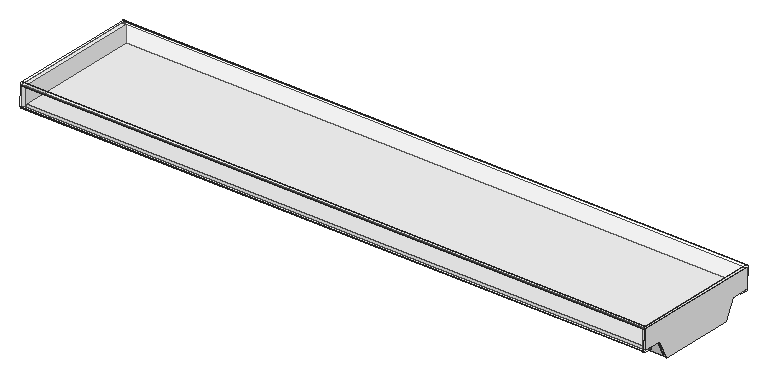
Revit family "LWC", category Lighting Fixtures, host Face, Revit 2012
Parameters (values of type "LWC4-40HL-EU")
  Wattage = 55 W
  built-in parameter 1150110 = 1 (stored number, unit not read)
  Voltage = 120 V
  Wattage Comments = ""
  URL = "http://www.columbialighting.com/"
  built-in parameter 1114217 = 1 (stored number, unit not read)
  Tilt Angle = -90.00°
  built-in parameter 1150109 = 1 (stored number, unit not read)
  built-in parameter 1150134 = 12
  built-in parameter 1150113 = 1 (stored number, unit not read)
  Product Page URL = "http://www.columbialighting.com/products/lwc"
  Product Documentation Link = "http://www.columbialighting.com/content/products/specs/specs_files/lwc.pdf"
  Photometric Web File = "LWC4-40HL-EU.ies"
  Nominal Watts = 55 W
  Model = "LWC"  # constant formula
  Manufacturer Phone = "(864)-678-1000"  # constant formula
  Manufacturer Fax = "(866)-898-1065"  # constant formula
  Manufacturer = "Columbia Lighting"  # constant formula
  Row Length = 4.00 ft
  built-in parameter 1150105 = 446.43 (stored number, unit not read)
  Lumens = 5610 lm
  built-in parameter 1150115 = 1 (stored number, unit not read)
  Lumen Output = "Very High Lumen"
  built-in parameter 1150137 = (empty or 0)
  built-in parameter 1150139 = (empty or 0)
  built-in parameter 1150112 = 1 (stored number, unit not read)
  built-in parameter 1150114 = 1 (stored number, unit not read)
  Lamp = "LED Lamp"
  built-in parameter 1150132 = (empty or 0)
  built-in parameter 1150102 = (empty or 0)
  built-in parameter 1150107 = 4000 (stored number, unit not read)
  built-in parameter 1150138 = (empty or 0)
  built-in parameter 1150106 = 4.4643 (stored number, unit not read)
  Glass = White Glass
  Emit from Line Length = 1.00 ft
  built-in parameter 1150104 = 9.4761 (stored number, unit not read)
  Driver = "Fixed Output"
  Dimming Lamp Color Temperature Shift = <None>
  Description = "LWC LED is a premium, 10 inch wide wraparound with injection molded glowing ends sonically welded to the attractive acrylic prismatic lens."  # constant formula
  Default Elevation = 4.00 ft
  Color Filter = 16777215
  built-in parameter 1114218 = 1 (stored number, unit not read)
  Backbox = White
  built-in parameter 1150133 = 10 (stored number, unit not read)
  Apparent Load = 0 VA
Types (3, lengths in ft): name | Wattage | built-in parameter 1150134 | Photometric Web File | Nominal Watts | Row Length | built-in parameter 1150105 | Lumens | Lumen Output | built-in parameter 1150107 | built-in parameter 1150106 | built-in parameter 1150104
  (no name) | 55 W | 12 | "LWC4-40HL-EU.ies" | 55 W | 4.00 | 446.43 (stored number, unit not read) | 5610 lm | "Very High Lumen" | 4000 (stored number, unit not read) | 4.4643 (stored number, unit not read) | 9.4761 (stored number, unit not read)
  LWC4-40HL-EU | 55 W | 12 | "LWC4-40HL-EU.ies" | 55 W | 4.00 | 446.43 (stored number, unit not read) | 5610 lm | "Very High Lumen" | 4000 (stored number, unit not read) | 4.4643 (stored number, unit not read) | 9.4761 (stored number, unit not read)
  LWC2-40LW-EU | 23 W | 3 | "LWC2-40LW-EU.ies" | 23 W | 2.00 | 199.5 (stored number, unit not read) | 2507 lm | "Low Lumen" | 3200 (stored number, unit not read) | 1.995 (stored number, unit not read) | 10.126 (stored number, unit not read)
Reference planes (ft)
  plane 1 "Center (Front/Back)": y = 0.003333
  plane 2: z = 0
  plane 3 "Center (Left/Right)": x = 0.13912
  plane 4: x = -1.86088
  plane 5: x = 2.13912
Dimensions and locks (ft)
  equal spacing: plane 5, plane 3 "Center (Left/Right)", plane 4
  "Row Length": plane 5 to plane 4
  aligned and locked: plane 2 to host face
  aligned and locked: level to host face
  aligned and locked: plane 3 "Center (Left/Right)" to nested 1
  aligned and locked: plane 1 "Center (Front/Back)" to nested 1
  aligned and locked: nested 1 to imposter light
  aligned and locked: plane 3 "Center (Left/Right)" to imposter light
  aligned and locked: imposter light to plane 1 "Center (Front/Back)"
Automatic sketch dimensions
  host sketch curve to host sketch curve = 8.00 ft  (x2)
Nested families (ft)
  nested 1: "LWC Light" at (0.309759, 0, 0), Glass <- "Glass", Backbox <- "Backbox", Row Length <- "Row Length", type "LWC Light"
    with Row Length 4.00 ft, Glass White Glass, Backbox White
Connectors (ft)
  electrical at (0.13912, -0.181163, 0), driven by "Voltage", driven by "Description"
    settings: on nested 1, index 1, voltage 120 V, apparent load 0 VA, apparent load phase1 0 VA, apparent load phase2 0 VA, apparent load phase3 0 VA, power factor 1, load classification "Other", number of poles 1, system type 30, power factor state 1, is connector primary yes, connector utility no, sub classification motor no, connector description "LWC LED is a premium, 10 inch wide wraparound with injection molded glowing ends sonically welded to the attractive acrylic prismatic lens."
Definition of nested family "LWC Light"
  Parameters (values of type "LWC Light")
    Wattage Comments = ""
    URL = ""
    Row Length [instance] = 4.00 ft
    Product Page URL = ""
    Product Documentation Link = ""
    Model = ""
    Manufacturer Phone = "(864)-678-1000"  # constant formula
    Manufacturer Fax = "(866)-898-1065"  # constant formula
    Manufacturer = ""
    Lamp = ""
    Glass [instance] = White Glass
    Description = ""
    Default Elevation = 4.00 ft
    Backbox [instance] = White
  Reference planes (ft)
    plane 1 "Center (Front/Back)": y = 0.003333
    plane 2: z = 0
    plane 3 "Center (Left/Right)": x = -0.170639
    plane 4: x = -2.170639
    plane 5: x = 1.829361
    plane 6: x = -2.149806
    plane 7: x = 1.808527
    plane 8: z = 0.25
    plane 9: y = 0.419999
    plane 10: y = -0.413334
    plane 11: z = 0.114583
    plane 12: z = 0.098958
    plane 13: y = -0.397709
    plane 14: z = 0.234375
    plane 15: y = 0.404374
    plane 16: y = 0.362708
    plane 17: y = -0.356042
  Forms (ft)
    Extrusion 1, solid
      sketch origin (0, 0, 0.005297) x (1, 0, 0) y (0, 1, 0)
        loop
          line (-4, 4) -> (-4, -4) -> (4, -4) -> (4, 4) -> (-4, 4)
      from -0.005297 to -0.505297
    Extrusion 2, solid, material "White" <- "Backbox"
      sketch origin (-0.170639, 0, 0) x (0, 1, 0) y (0, 0, 1)
        loop
          line (-0.232299, 0) -> (0.238964, 0) -> (0.292395, 0.114583) -> (0.404374, 0.114583) -> (0.404374, 0.234375) -> (-0.397709, 0.234375) -> (-0.397709, 0.114583) -> (-0.28573, 0.114583) -> (-0.232299, 0)
      from 1.979167 to 2
    Extrusion 3, solid, material "White" <- "Backbox"
      sketch origin (-0.170639, 0, 0) x (0, 1, 0) y (0, 0, 1)
        loop
          line (0.404374, 0.234375) -> (-0.397709, 0.234375) -> (-0.397709, 0.114583) -> (-0.28573, 0.114583) -> (-0.232299, 0) -> (0.238964, 0) -> (0.292395, 0.114583) -> (0.404374, 0.114583) -> (0.404374, 0.234375)
      from -1.979167 to -2
    Extrusion 4, solid, material "White Glass" <- "Glass"
      sketch origin (-0.170639, 0, 0) x (0, 1, 0) y (0, 0, 1)
        loop
          line (0.362708, 0.098958) -> (0.406978, 0.098958)
          arc (0.406978, 0.098958) -> (0.416186, 0.102772) -> (0.419999, 0.111979) r 0.013021
          line (0.419999, 0.111979) -> (0.419999, 0.236979)
          arc (0.419999, 0.236979) -> (0.416186, 0.246186) -> (0.406978, 0.25) r 0.013021
          line (0.406978, 0.25) -> (-0.400417, 0.25)
          arc (-0.400417, 0.25) -> (-0.409551, 0.246217) -> (-0.413334, 0.237083) r 0.012917
          line (-0.413334, 0.237083) -> (-0.413334, 0.111979)
          arc (-0.413334, 0.111979) -> (-0.40952, 0.102772) -> (-0.400313, 0.098958) r 0.013021
          line (-0.400313, 0.098958) -> (-0.356042, 0.098958) -> (-0.356042, 0.114583) -> (-0.397709, 0.114583) -> (-0.397709, 0.234375) -> (0.404374, 0.234375) -> (0.404374, 0.114583) -> (0.362708, 0.114583) -> (0.362708, 0.098958)
      from -2 to 2
    Extrusion 5, solid, material "White" <- "Backbox"
      sketch origin (-0.170639, 0, 0) x (0, 1, 0) y (0, 0, 1)
        loop
          line (0.404374, 0.114583) -> (0.404374, 0.130208) -> (-0.397709, 0.130208) -> (-0.397709, 0.114583) -> (-0.28573, 0.114583) -> (-0.232299, 0) -> (-0.130027, 0) -> (-0.083882, 0.098958) -> (0.003333, 0.126796) -> (0.090548, 0.098958) -> (0.136693, 0) -> (0.238964, 0) -> (0.292395, 0.114583) -> (0.404374, 0.114583)
      from -1.979167 to 1.979167
  Dimensions and locks (ft)
    equal spacing: plane 5, plane 3 "Center (Left/Right)", plane 4
    locked: plane 6 to plane 4 at 0.020833
    "Row Length": plane 5 to plane 4
    equal spacing: plane 7, plane 3 "Center (Left/Right)", plane 6
    locked: plane 8 to level at 0.25
    locked: plane 9 to plane 10 at 0.833333
    plane 9 to plane 1 "Center (Front/Back)" to plane 10 = 0.416667 ft locked, 0.416667 ft locked
    locked: plane 9 to plane 16 at 0.057292
    locked: plane 17 to plane 10 at 0.057292
    aligned and locked: plane 2 to Extrusion 1
    aligned and locked: level to Extrusion 1
    aligned and locked: Extrusion 2 sketch curve to level
    aligned and locked: Extrusion 2 sketch curve to Extrusion 2 sketch curve
    aligned and locked: plane 5 to Extrusion 2
    aligned and locked: Extrusion 2 to plane 7
    aligned and locked: level to Extrusion 3 sketch curve
    aligned and locked: plane 12 to Extrusion 4 sketch curve  (x2)
    aligned and locked: plane 9 to Extrusion 4 sketch curve
    aligned and locked: Extrusion 4 sketch curve to plane 8
    aligned and locked: Extrusion 4 sketch curve to plane 10
    aligned and locked: Extrusion 4 sketch curve to plane 11  (x2)
    aligned and locked: plane 15 to Extrusion 4 sketch curve
    aligned and locked: Extrusion 4 sketch curve to plane 14
    aligned and locked: Extrusion 4 sketch curve to plane 13
    aligned and locked: plane 7 to Extrusion 5
    aligned and locked: Extrusion 5 to plane 6
    aligned and locked: Extrusion 4 to plane 4
    aligned and locked: plane 5 to Extrusion 4
    aligned and locked: Extrusion 3 to plane 4
    aligned and locked: plane 6 to Extrusion 3
    aligned and locked: Extrusion 3 sketch curve to Extrusion 4  (x3)
    aligned and locked: Extrusion 4 to Extrusion 5 sketch curve
    aligned and locked: Extrusion 5 sketch curve to Extrusion 4  (x3)
    aligned and locked: Extrusion 3 to Extrusion 5 sketch curve
    aligned and locked: Extrusion 5 sketch curve to Extrusion 3
    aligned and locked: Extrusion 2 sketch curve to plane 11
    aligned and locked: Extrusion 2 sketch curve to Extrusion 3  (x2)
  Automatic sketch dimensions
    Extrusion 1 sketch curve to Extrusion 1 sketch curve = 8.00 ft  (x2)
    Extrusion 2 sketch curve to plane 13 = 0.00 ft
    plane 15 to Extrusion 2 sketch curve = 0.00 ft
    Extrusion 2 sketch curve to Extrusion 2 sketch curve = 0.119792 ft
    Extrusion 3 sketch curve to plane 11 = 0.00 ft  (x2)
    Extrusion 5 sketch curve to plane 12 = 0.00 ft  (x2)
    Extrusion 5 sketch curve to plane 1 "Center (Front/Back)" = 0.00 ft
    Extrusion 5 sketch curve to Extrusion 5 sketch curve = 0.102271 ft  (x2)
    plane 1 "Center (Front/Back)" to Extrusion 5 sketch curve = 0.087215 ft
    Extrusion 5 sketch curve to plane 1 "Center (Front/Back)" = 0.087215 ft
    Extrusion 5 sketch curve to Extrusion 5 sketch curve = 0.046145 ft
    plane 11 to Extrusion 5 sketch curve = 0.012213 ft
    Extrusion 5 sketch curve to Extrusion 5 sketch curve = 0.015625 ft
    Extrusion 2 sketch curve to plane 11 = 0.00 ft
    plane 15 to Extrusion 3 sketch curve = 0.16541 ft
    Extrusion 3 sketch curve to Extrusion 3 sketch curve = 0.111979 ft
    Extrusion 5 sketch curve to Extrusion 5 sketch curve = 0.111979 ft
    Extrusion 3 sketch curve to plane 13 = 0.111979 ft
    Extrusion 3 sketch curve to Extrusion 3 sketch curve = 0.053431 ft
    Extrusion 5 sketch curve to plane 13 = 0.111979 ft
    Extrusion 5 sketch curve to Extrusion 5 sketch curve = 0.053431 ft
    plane 13 to Extrusion 4 sketch curve = 0.002708 ft
    plane 13 to Extrusion 4 sketch curve = 0.002604 ft
    Extrusion 4 sketch curve to Extrusion 4 sketch curve = 0.044271 ft
    plane 15 to Extrusion 4 sketch curve = 0.041667 ft
    Extrusion 4 sketch curve to plane 15 = 0.002604 ft  (x2)
